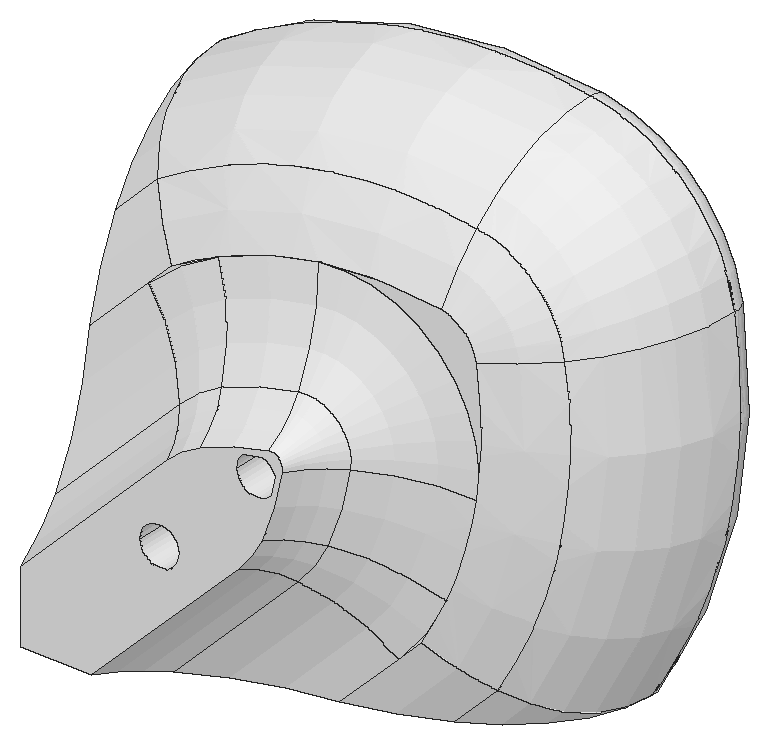
Revit family "Basin-Wall_Mounted-American_Standard-Corner_Minette-0451_Series", category Plumbing Fixtures, host Face, Revit 2014
Parameters (values of type "0451.001.020")
  Width = 11"
  Waste Connection Radius = 5/8"
  Waste Connection Height = 18 1/4"
  Waste Connection Diameter = Waste Connection Radius * 2  # 1 1/4"
  Waste Connection = yes
  Warranty Information = "1 Year Limited"
  WFU = 2
  Vent Connection = no
  URL = "http://www.americanstandard-us.com"
  Type Comments = ""
  Shipping Weight = "17lbs (8kg)"
  Revised Date = "12/12/2018"  # constant formula
  Product Page URL = "https://www.americanstandard-us.com/bathroom/commercial-bathroom-sinks/corner-minette-wall-mounted-sink-15903"
  Product Documentation Link = "https://www.americanstandard-us.com/-/media/sites/asus/files/product-specs/bulk/specsheet0451021.pdf?la=en"
  Price = "Prices may vary. Please consult Manufacturer Representative for most up-to-date price list."  # constant formula
  Model = "0451.001.020"
  Material = "Vitreous China-American Standard-020-White"
  Manufacturer = "American Standard"
  Length = 11"
  Installation Type = "Wall Hung"
  Hot Water Connection Width = 4"
  Hot Water Connection Radius = 3/16"
  Hot Water Connection Height = Cold Water Connection Height  # 20 3/4"
  Hot Water Connection Diameter = Hot Water Connection Radius * 2  # 3/8"
  Hole Punch Location = 20"
  Height = 7"
  HWFU = 1.5
  HW Connection = yes
  Finish = Vitreous China-American Standard-020-White
  Faucet Holes = no
  Description = "Corner Minette Wall Mounted Sink with single center faucet hole."
  Default Elevation = 31"
  Creation Date = "01/19/2017"  # constant formula
  Cold Water Connection Width = 4"
  Cold Water Connection Radius = 3/16"
  Cold Water Connection Height = 20 3/4"
  Cold Water Connection Diameter = Cold Water Connection Radius * 2  # 3/8"
  CWFU = 1.5
  CW Connection = yes
  Basin Shape = "D-Shaped"
  Assembly Code = "D2010310"
Types (9): name | Model | Material | Hole Punch Location | Finish | Faucet Holes | Description
  (no name) | "0451.001.020" | "Vitreous China-American Standard-020-White" | 20" | Vitreous China-American Standard-020-White | no | "Corner Minette Wall Mounted Sink with single center faucet hole."
  0451.021.020 | "0451.021.020" | "Vitreous China-American Standard-020-White" | 4" | Vitreous China-American Standard-020-White | yes | "Corner Minette Wall Mounted Sink with faucet holes on 4\" (102mm) centers."
  0451.001.020 | "0451.001.020" | "Vitreous China-American Standard-020-White" | 20" | Vitreous China-American Standard-020-White | no | "Corner Minette Wall Mounted Sink with single center faucet hole."
  0451.001.021 | "0451.001.021" | "Vitreous China-American Standard-021-Bone" | 20" | Vitreous China-American Standard-021-Bone | no | "Corner Minette Wall Mounted Sink with single center faucet hole."
  0451.001.178 | "0451.001.178" | "Vitreous China-American Standard-178-Black" | 20" | Vitreous China-American Standard-178-Black | no | "Corner Minette Wall Mounted Sink with single center faucet hole."
  0451.001.222 | "0451.001.222" | "Vitreous China-American Standard-222-Linen" | 20" | Vitreous China-American Standard-222-Linen | no | "Corner Minette Wall Mounted Sink with single center faucet hole."
  0451.021.021 | "0451.021.021" | "Vitreous China-American Standard-021-Bone" | 4" | Vitreous China-American Standard-021-Bone | yes | "Corner Minette Wall Mounted Sink with faucet holes on 4\" (102mm) centers."
  0451.021.178 | "0451.021.178" | "Vitreous China-American Standard-178-Black" | 4" | Vitreous China-American Standard-178-Black | yes | "Corner Minette Wall Mounted Sink with faucet holes on 4\" (102mm) centers."
  0451.021.222 | "0451.021.222" | "Vitreous China-American Standard-222-Linen" | 4" | Vitreous China-American Standard-222-Linen | yes | "Corner Minette Wall Mounted Sink with faucet holes on 4\" (102mm) centers."
Reference planes (in)
  plane 1 "Center (Front/Back)": y = 0
  plane 2: z = 0
  plane 3 "Center (Left/Right)": x = 0
  plane 4: through (0, 0, 0) normal (0.7071, 0, -0.7071)
  plane 5: through (-3.18198, 0, 10.96016) normal (-0.7071, 0, 0.7071)
  plane 6: through (10.96016, 0, -3.18198) normal (-0.7071, 0, 0.7071)
  plane 7: through (11.84441, 0, 11.84441) normal (0.7071, 0, 0.7071)
  plane 8: through (0, 0, 0) normal (0.7071, 0, 0.7071)
  plane 9: x = 11
  plane 10: z = 11
  plane 11 "Finished Floor": y = -31
  plane 12: y = -7
  plane 13: y = -10.25
  plane 14: y = -12.75
  plane 15: x = 4
  plane 16: x = 2
  plane 17: z = 4
Forms (in)
  Extrusion 1, solid, material "Vitreous China-American Standard-020-White" <- "Finish"
    sketch origin (0, -0.00015, 0) x (1, 0, 0) y (0, 0, -1)
      loop
        line (11, 0) -> (0, 0) -> (0, -11)
        arc (0, -11) -> (4.51839, -12.92212) -> (9.42631, -13.07285) r 13.29335
        arc (9.42631, -13.07285) -> (11.84404, -11.84404) -> (13.07285, -9.42631) r 4.3746
        arc (13.07285, -9.42631) -> (12.92212, -4.51839) -> (11, 0) r 13.29335
    from -7 to 0
  Blend 2, void
    base sketch origin (0, -0.00015, 0) x (1, 0, 0) y (0, 0, -1)
      loop
        arc (6.41832, -6.20753) -> (6.41291, -5.90628) -> (6.30565, -5.62472) r 0.87512
        arc (6.30565, -5.62472) -> (6.23064, -5.57467) -> (6.14456, -5.60154) r 0.10465
        arc (6.14456, -5.60154) -> (5.86796, -5.86796) -> (5.60154, -6.14456) r 10.24986
        arc (5.60154, -6.14456) -> (5.57467, -6.23064) -> (5.62472, -6.30565) r 0.10465
        arc (5.62472, -6.30565) -> (5.90628, -6.41291) -> (6.20753, -6.41832) r 0.87512
        arc (6.20753, -6.41832) -> (6.34729, -6.34729) -> (6.41832, -6.20753) r 0.25288
    top sketch origin (0, -0.00015, 0) x (1, 0, 0) y (0, 0, -1)
      loop
        arc (12.33185, -9.31048) -> (12.25431, -4.99262) -> (10.71697, -0.95697) r 12.54335
        arc (10.71697, -0.95697) -> (9.64177, -0.23958) -> (8.4079, -0.62463) r 1.5
        arc (8.4079, -0.62463) -> (4.44334, -4.44334) -> (0.62463, -8.4079) r 146.91459
        arc (0.62463, -8.4079) -> (0.23958, -9.64177) -> (0.95697, -10.71697) r 1.5
        arc (0.95697, -10.71697) -> (4.99262, -12.25431) -> (9.31048, -12.33185) r 12.54335
        arc (9.31048, -12.33185) -> (11.31371, -11.31371) -> (12.33185, -9.31048) r 3.6246
    from -4.78715 to 0
  Sweep 3, void
    path origin (0, -0.00015, 0) x (0, 0, 1) y (1, 0, 0)
      loop
        line (-5.5, 5.5) -> (0, 11)
        arc (0, 11) -> (4.51839, 12.92212) -> (9.42631, 13.07285) r 13.29335
        arc (9.42631, 13.07285) -> (11.84404, 11.84404) -> (13.07285, 9.42631) r 4.3746
        arc (13.07285, 9.42631) -> (12.92212, 4.51839) -> (11, 0) r 13.29335
        line (11, 0) -> (5.5, -5.5)
    profile origin (4.51839, -0.00015, 12.92212) x (-0.214769, 0, 0.976665) y (0, 1, 0)
      loop
        arc (0, -0.68354) -> (-0.44896, -2.53258) -> (-1.69584, -3.96986) r 4.03214
        line (-1.69584, -3.96986) -> (0.80416, -3.96986) -> (0.80416, -0.68354) -> (0, -0.68354)
  Sweep 4, void
    path origin (0, -0.00015, 0) x (0, 0, 1) y (1, 0, 0)
      loop
        line (-5.5, 5.5) -> (0, 11)
        arc (0, 11) -> (4.51839, 12.92212) -> (9.42631, 13.07285) r 13.29335
        arc (9.42631, 13.07285) -> (11.84404, 11.84404) -> (13.07285, 9.42631) r 4.3746
        arc (13.07285, 9.42631) -> (12.92212, 4.51839) -> (11, 0) r 13.29335
        line (11, 0) -> (5.5, -5.5)
    profile origin (4.51839, -0.00015, 12.92212) x (-0.214769, 0, 0.976665) y (0, 1, 0)
      loop
        arc (-0.68354, 0) -> (-0.2002, -0.2002) -> (0, -0.68354) r 0.68354
        line (0, -0.68354) -> (1, -0.68354) -> (1, 1) -> (-0.68354, 1) -> (-0.68354, 0)
  Sweep 5, void
    path origin (0, -0.00015, 0) x (1, 0, 0) y (0, 0, -1)
      loop
        line (-5.5, -5.5) -> (0, -11)
        arc (0, -11) -> (4.51839, -12.92212) -> (9.42631, -13.07285) r 13.29335
        arc (9.42631, -13.07285) -> (11.84404, -11.84404) -> (13.07285, -9.42631) r 4.3746
        arc (13.07285, -9.42631) -> (12.92212, -4.51839) -> (11, 0) r 13.29335
        line (11, 0) -> (5.5, 5.5)
    profile origin (12.92212, -0.00015, 4.51839) x (-0.976665, 0, 0.214769) y (0, 1, 0)
      loop
        line (1.69584, -3.96986) -> (0, -3.96986) -> (0, -4.78715) -> (3.29987, -4.78715)
        arc (3.29987, -4.78715) -> (2.46781, -4.43747) -> (1.69584, -3.96986) r 6.15472
  Extrusion 6, void
    sketch origin (0, -0.00015, 0) x (1, 0, 0) y (0, 0, -1)
      loop
        line (-2.53314, 2.53314) -> (-2.53314, -16.19745) -> (16.19745, -16.19745) -> (16.19745, 2.53314) -> (-2.53314, 2.53314)
    from -8.095 to -4.78715
  Sweep 7, solid, material "Vitreous China-American Standard-020-White" <- "Finish"
    path origin (0, -0.00015, 0) x (1, 0, 0) y (0, 0, -1)
      loop
        line (3.16664, 3.16664) -> (7.82181, -1.48853)
        arc (7.82181, -1.48853) -> (8.51555, -2.32058) -> (9.04837, -3.26381) r 6
        arc (9.04837, -3.26381) -> (9.51256, -4.50702) -> (9.80794, -5.80078) r 9.99348
        arc (9.80794, -5.80078) -> (8.82642, -8.82642) -> (5.80078, -9.80794) r 3.5
        arc (5.80078, -9.80794) -> (4.50702, -9.51256) -> (3.26381, -9.04837) r 9.99348
        arc (3.26381, -9.04837) -> (2.32058, -8.51555) -> (1.48853, -7.82181) r 6
        line (1.48853, -7.82181) -> (-3.16664, -3.16664)
    profile origin (-0.83906, -0.00015, 5.49422) x (-0.707107, 0, 0.707107) y (0, 1, 0)
      loop
        arc (-3.18704, -7) -> (-2.83506, -6.39651) -> (-2.35758, -5.88651) r 3.11882
        arc (-2.35758, -5.88651) -> (-1.25338, -5.17687) -> (0, -4.78715) r 4.88077
        line (0, -4.78715) -> (-3.33624, -4.78715) -> (-3.33624, -7) -> (-3.18704, -7)
  Extrusion 8, void
    sketch origin (0, -0.00015, 0) x (1, 0, 0) y (0, 0, -1)
      loop
        line (0, -9.55358) -> (0, 0.00011) -> (11.00013, 0.00011) -> (11.00013, 3.44642) -> (-3.5, 3.44642) -> (-3.5, -9.55358) -> (0, -9.55358)
    from -7.31902 to 0.54426
  Extrusion 9, solid, material "Vitreous China-American Standard-020-White" <- "Finish"
    sketch origin (0, -0.00015, 0) x (1, 0, 0) y (0, 0, -1)
      loop
        arc (3.8476, -5.46273) -> (4.217, -5.77073) -> (4.63576, -6.00728) r 2.66376
        arc (4.63576, -6.00728) -> (5.46393, -6.3165) -> (6.32578, -6.51327) r 6.65724
        arc (6.32578, -6.51327) -> (6.46735, -6.46735) -> (6.51327, -6.32578) r 0.16376
        arc (6.51327, -6.32578) -> (6.3165, -5.46393) -> (6.00728, -4.63576) r 6.65724
        arc (6.00728, -4.63576) -> (5.77073, -4.217) -> (5.46273, -3.8476) r 2.66376
        line (5.46273, -3.8476) -> (1.61513, 0) -> (0, 0) -> (0, -1.61513) -> (3.8476, -5.46273)
    from -4.78715 to -7
  Extrusion 10, void
    sketch origin (0, -0.00015, 0) x (1, 0, 0) y (0, 0, -1)
      loop
        circle (6, -6) r 0.5
    from -7.31902 to 1
  Extrusion 11, void
    sketch origin (1.78309, -5.42569, 2.7782) x (1, 0, 0) y (0, -0.673622, -0.739076)
      loop
        spline (7.58094, -9.53851) -> (7.62621, -9.58709) -> (7.69423, -9.61744) -> (7.78036, -9.6275) -> (7.87873, -9.61658) -> (7.98264, -9.58543) -> (8.08501, -9.53616) -> (8.17886, -9.47214) -> (8.2578, -9.39772) -> (8.31644, -9.31799) -> (8.35079, -9.23837) -> (8.35852, -9.16429) -> (8.33908, -9.1008)
        spline (8.33908, -9.1008) -> (8.29381, -9.05222) -> (8.22579, -9.02186) -> (8.13966, -9.0118) -> (8.04129, -9.02272) -> (7.93738, -9.05388) -> (7.83501, -9.10315) -> (7.74116, -9.16717) -> (7.66222, -9.24158) -> (7.60358, -9.32131) -> (7.56923, -9.40093) -> (7.56151, -9.47501) -> (7.58094, -9.53851)
    from -2.71739 to -0.29154
  Extrusion 12, void
    sketch origin (2.7782, -5.42569, 1.78309) x (0, 0, 1) y (0.739076, 0.673622, 0)
      loop
        spline (7.58094, 9.53851) -> (7.56151, 9.47501) -> (7.56923, 9.40093) -> (7.60358, 9.32131) -> (7.66222, 9.24158) -> (7.74116, 9.16717) -> (7.83501, 9.10315) -> (7.93738, 9.05388) -> (8.04129, 9.02272) -> (8.13966, 9.0118) -> (8.22579, 9.02186) -> (8.29381, 9.05222) -> (8.33908, 9.1008)
        spline (8.33908, 9.1008) -> (8.35852, 9.16429) -> (8.35079, 9.23837) -> (8.31644, 9.31799) -> (8.2578, 9.39772) -> (8.17886, 9.47214) -> (8.08501, 9.53616) -> (7.98264, 9.58543) -> (7.87873, 9.61658) -> (7.78036, 9.6275) -> (7.69423, 9.61744) -> (7.62621, 9.58709) -> (7.58094, 9.53851)
    from -2.71739 to -0.29154
  Extrusion 13, void
    sketch origin (0, 0, 0) x (1, 0, 0) y (0, 0, 1)
      loop
        circle (3.53553, 3.53553) r 0.5
      loop
        circle (2.12132, 16.26346) r 0.5
      loop
        circle (4.94975, -9.19239) r 0.5
    from 0 to 12
  Extrusion 14, solid, not visible
    sketch origin (0, 0, 0) x (1, 0, 0) y (0, 1, 0)
      loop
        circle (4, -10.25) r 0.1875
      loop
        circle (2, -12.75) r 0.625
    from 0 to 0.03125
  Extrusion 15, solid, not visible
    sketch origin (0, 0, 0) x (0, 1, 0) y (0, 0, 1)
      loop
        circle (-10.25, 4) r 0.1875
    from 0 to 0.03125
Cuts and joins
  Blend 2, Sweep 3, Sweep 4, Sweep 5, Extrusion 6, Extrusion 11, Extrusion 12, Extrusion 13 cuts Extrusion 1
  Blend 2, Extrusion 8, Extrusion 13 cuts Sweep 7
  Blend 2, Extrusion 10, Extrusion 13 cuts Extrusion 9
  joined: Extrusion 1, Sweep 7, Extrusion 9
Dimensions and locks (in)
  equal spacing: plane 6, plane 4, plane 5
  "Hole Punch Location": plane 6 to plane 5
  "Length": plane 3 "Center (Left/Right)" to plane 9
  "Width": host face to plane 10
  plane 7 to plane 8 = 16.75053"
  "Default Elevation": plane 11 "Finished Floor" to plane 1 "Center (Front/Back)"
  "Height": plane 12 to plane 1 "Center (Front/Back)"
  "Cold Water Connection Width": plane 3 "Center (Left/Right)" to plane 15
  "Hot Water Connection Width": plane 17 to host face
  "Waste Connection Height": plane 11 "Finished Floor" to plane 14
  "Cold Water Connection Height": plane 11 "Finished Floor" to plane 13
  aligned and locked: plane 2 to host face
  aligned and locked: level to host face
Automatic sketch dimensions
  host sketch curve to host sketch curve = 96"  (x2)
  Extrusion 1 sketch curve to level = 0"
  Extrusion 1 sketch curve to plane 3 "Center (Left/Right)" = 0"
  plane 4 to Extrusion 1 sketch curve = 0"
  Extrusion 1 sketch curve to plane 3 "Center (Left/Right)" = 0.06102"
  Extrusion 1 sketch curve to level = 0.06102"
  plane 3 "Center (Left/Right)" to Extrusion 1 sketch curve = 7.37339"
  level to Extrusion 1 sketch curve = 8.75073"
  Extrusion 1 sketch curve to Extrusion 1 sketch curve = 0.67558"
  Extrusion 1 sketch curve to Extrusion 1 sketch curve = 0"
  Extrusion 1 sketch curve to Extrusion 1 sketch curve = 3.62661"
  Extrusion 1 sketch curve to Extrusion 1 sketch curve = 4.32212"
  plane 4 to Blend 2 sketch curve = 0"  (x4)
  plane 3 "Center (Left/Right)" to Blend 2 sketch curve = 5.5537"
  Blend 2 sketch curve to Blend 2 sketch curve = 0.04784"
  Blend 2 sketch curve to Blend 2 sketch curve = 0"  (x10)
  Blend 2 sketch curve to Blend 2 sketch curve = 0.02319"
  Blend 2 sketch curve to Blend 2 sketch curve = 0.07672"
  Blend 2 sketch curve to Blend 2 sketch curve = 0.51868"
  Blend 2 sketch curve to Blend 2 sketch curve = 0.07218"
  Blend 2 sketch curve to Blend 2 sketch curve = 0.49022"
  Blend 2 sketch curve to Blend 2 sketch curve = 5/128"
  Blend 2 sketch curve to Blend 2 sketch curve = 0.07118"
  Blend 2 sketch curve to Blend 2 sketch curve = 0.08992"
  Blend 2 sketch curve to Blend 2 sketch curve = 0.24985"
  Blend 2 sketch curve to plane 3 "Center (Left/Right)" = 0.06102"
  plane 3 "Center (Left/Right)" to Blend 2 sketch curve = 0.62463"
  plane 3 "Center (Left/Right)" to Blend 2 sketch curve = 0.95697"
  Blend 2 sketch curve to Blend 2 sketch curve = 1.09965"
  Blend 2 sketch curve to level = 0.06102"
  plane 3 "Center (Left/Right)" to Blend 2 sketch curve = 7.37339"
  level to Blend 2 sketch curve = 0.62463"
  Blend 2 sketch curve to Blend 2 sketch curve = 1.03451"
  Blend 2 sketch curve to Blend 2 sketch curve = 7.02645"
  Blend 2 sketch curve to Blend 2 sketch curve = 1.02018"
  level to Blend 2 sketch curve = 0.95697"
  Sweep 3 sketch curve to level = 0"
  plane 4 to Sweep 3 sketch curve = 0"
  Sweep 3 sketch curve to plane 3 "Center (Left/Right)" = 0"
  Sweep 3 sketch curve to level = 0.06102"
  Sweep 3 sketch curve to level = 5 1/2"
  level to Sweep 3 sketch curve = 5 1/2"
  Sweep 3 sketch curve to plane 3 "Center (Left/Right)" = 0.06102"
  Sweep 3 sketch curve to Sweep 3 sketch curve = 1.87339"
  level to Sweep 3 sketch curve = 8.75073"
  Sweep 3 sketch curve to Sweep 3 sketch curve = 0.67558"
  Sweep 3 sketch curve to Sweep 3 sketch curve = 0"
  Sweep 3 sketch curve to Sweep 3 sketch curve = 3.62661"
  Sweep 3 sketch curve to Sweep 3 sketch curve = 4.32212"
  Sweep 3 sketch curve to plane 3 "Center (Left/Right)" = 5 1/2"
  plane 3 "Center (Left/Right)" to Sweep 3 sketch curve = 5 1/2"
  Sweep 3 sketch curve to profile plane = 0"
  profile plane to Sweep 3 sketch curve = 1.69584"
  Sweep 3 sketch curve to profile plane = 0.68354"
  Sweep 3 sketch curve to Sweep 3 sketch curve = 4.03214"
  Sweep 3 sketch curve to profile plane = 0.80416"
  Sweep 4 sketch curve to level = 0"
  plane 4 to Sweep 4 sketch curve = 0"
  Sweep 4 sketch curve to plane 3 "Center (Left/Right)" = 0"
  Sweep 4 sketch curve to level = 0.06102"
  Sweep 4 sketch curve to level = 5 1/2"
  level to Sweep 4 sketch curve = 5 1/2"
  Sweep 4 sketch curve to plane 3 "Center (Left/Right)" = 0.06102"
  Sweep 4 sketch curve to Sweep 4 sketch curve = 1.87339"
  level to Sweep 4 sketch curve = 8.75073"
  Sweep 4 sketch curve to Sweep 4 sketch curve = 0.67558"
  Sweep 4 sketch curve to Sweep 4 sketch curve = 0"
  Sweep 4 sketch curve to Sweep 4 sketch curve = 3.62661"
  Sweep 4 sketch curve to Sweep 4 sketch curve = 4.32212"
  Sweep 4 sketch curve to plane 3 "Center (Left/Right)" = 5 1/2"
  plane 3 "Center (Left/Right)" to Sweep 4 sketch curve = 5 1/2"
  profile plane to Sweep 4 sketch curve = 0"
  Sweep 4 sketch curve to profile plane = 0"
  profile plane to Sweep 4 sketch curve = 0.68354"
  Sweep 4 sketch curve to profile plane = 1"
  profile plane to Sweep 4 sketch curve = 1"
  Sweep 5 sketch curve to plane 3 "Center (Left/Right)" = 0"
  plane 4 to Sweep 5 sketch curve = 0"
  Sweep 5 sketch curve to level = 0"
  Sweep 5 sketch curve to plane 3 "Center (Left/Right)" = 0.06102"
  Sweep 5 sketch curve to plane 3 "Center (Left/Right)" = 5 1/2"
  plane 3 "Center (Left/Right)" to Sweep 5 sketch curve = 5 1/2"
  Sweep 5 sketch curve to level = 0.06102"
  Sweep 5 sketch curve to Sweep 5 sketch curve = 1.87339"
  level to Sweep 5 sketch curve = 8.75073"
  Sweep 5 sketch curve to Sweep 5 sketch curve = 0.67558"
  Sweep 5 sketch curve to Sweep 5 sketch curve = 0"
  Sweep 5 sketch curve to Sweep 5 sketch curve = 3.62661"
  Sweep 5 sketch curve to Sweep 5 sketch curve = 4.32212"
  level to Sweep 5 sketch curve = 5 1/2"
  Sweep 5 sketch curve to level = 5 1/2"
  Sweep 5 sketch curve to profile plane = 0"
  Sweep 5 sketch curve to profile plane = 1.69584"
  Sweep 5 sketch curve to Sweep 5 sketch curve = 1.60403"
  profile plane to Sweep 5 sketch curve = 1.04643"
  Sweep 5 sketch curve to profile plane = 5.262"
  Sweep 5 sketch curve to profile plane = 3.96986"
  Extrusion 6 sketch curve to plane 4 = 0"
  plane 4 to Extrusion 6 sketch curve = 0"
  Extrusion 6 sketch curve to plane 3 "Center (Left/Right)" = 2.53314"
  level to Extrusion 6 sketch curve = 16.19745"
  plane 4 to Sweep 7 sketch curve = 0"
  Sweep 7 sketch curve to plane 3 "Center (Left/Right)" = 3.16664"
  Sweep 7 sketch curve to plane 3 "Center (Left/Right)" = 0.06102"
  plane 3 "Center (Left/Right)" to Sweep 7 sketch curve = 1.48853"
  plane 3 "Center (Left/Right)" to Sweep 7 sketch curve = 3.16664"
  Sweep 7 sketch curve to Sweep 7 sketch curve = 1.77529"
  Sweep 7 sketch curve to Sweep 7 sketch curve = 0"  (x4)
  Sweep 7 sketch curve to Sweep 7 sketch curve = 2.09064"
  Sweep 7 sketch curve to Sweep 7 sketch curve = 2.152"
  Sweep 7 sketch curve to Sweep 7 sketch curve = 2.53696"
  Sweep 7 sketch curve to Sweep 7 sketch curve = 2.77238"
  Sweep 7 sketch curve to level = 0.06102"
  Sweep 7 sketch curve to Sweep 7 sketch curve = 1.64222"
  level to Sweep 7 sketch curve = 1.48853"
  Sweep 7 sketch curve to Sweep 7 sketch curve = 0.44842"
  Sweep 7 sketch curve to Sweep 7 sketch curve = 1 29/128"
  Sweep 7 sketch curve to Sweep 7 sketch curve = 0.75957"
  level to Sweep 7 sketch curve = 3.16664"
  Sweep 7 sketch curve to level = 3.16664"
  Sweep 7 sketch curve to profile plane = 0"
  profile plane to Sweep 7 sketch curve = 0.33392"
  profile plane to Sweep 7 sketch curve = 2.35758"
  Sweep 7 sketch curve to Sweep 7 sketch curve = 0.82946"
  Sweep 7 sketch curve to Sweep 7 sketch curve = 0.97866"
  Sweep 7 sketch curve to profile plane = 0.80932"
  Sweep 7 sketch curve to profile plane = 9.60035"
  Sweep 7 sketch curve to Sweep 7 sketch curve = 1.34069"
  Extrusion 8 sketch curve to plane 3 "Center (Left/Right)" = 0"
  Extrusion 8 sketch curve to Extrusion 8 sketch curve = 3 1/2"
  Extrusion 8 sketch curve to level = 3.44642"
  plane 3 "Center (Left/Right)" to Extrusion 8 sketch curve = 11.00013"
  Extrusion 8 sketch curve to level = 0.00011"
  level to Extrusion 8 sketch curve = 9.55358"
  Extrusion 9 sketch curve to level = 0"
  Extrusion 9 sketch curve to plane 3 "Center (Left/Right)" = 0"
  plane 4 to Extrusion 9 sketch curve = 0"
  Extrusion 9 sketch curve to plane 3 "Center (Left/Right)" = 0.06102"
  plane 3 "Center (Left/Right)" to Extrusion 9 sketch curve = 1.61513"
  plane 3 "Center (Left/Right)" to Extrusion 9 sketch curve = 3.57917"
  Extrusion 9 sketch curve to Extrusion 9 sketch curve = 0.26844"  (x2)
  Extrusion 9 sketch curve to Extrusion 9 sketch curve = 0.78816"
  Extrusion 9 sketch curve to Extrusion 9 sketch curve = 0"  (x4)
  level to Extrusion 9 sketch curve = 3.8476"
  Extrusion 9 sketch curve to Extrusion 9 sketch curve = 1.61513"  (x2)
  Extrusion 9 sketch curve to Extrusion 9 sketch curve = 0.54454"
  Extrusion 9 sketch curve to Extrusion 9 sketch curve = 1.69002"
  Extrusion 9 sketch curve to Extrusion 9 sketch curve = 0.02577"
  Extrusion 9 sketch curve to Extrusion 9 sketch curve = 0.16172"
  Extrusion 9 sketch curve to level = 0.06102"
  plane 4 to Extrusion 10 sketch curve = 0"
  level to Extrusion 10 sketch curve = 6"
  plane 3 "Center (Left/Right)" to Extrusion 11 sketch curve = 9.36403"
  Extrusion 11 sketch curve to Extrusion 11 sketch curve = 0.37907"
  level to Extrusion 12 sketch curve = 9.36403"
  Extrusion 12 sketch curve to Extrusion 12 sketch curve = 0.37907"
  plane 5 to Extrusion 13 sketch curve = 0"
  Extrusion 13 sketch curve to plane 4 = 0"
  Extrusion 13 sketch curve to plane 6 = 0"
  plane 3 "Center (Left/Right)" to Extrusion 13 sketch curve = 2.12132"
  Extrusion 13 sketch curve to Extrusion 13 sketch curve = 1.41421"  (x2)
  plane 14 to Extrusion 14 sketch curve = 0"
  Extrusion 14 sketch curve to plane 16 = 0"
  plane 13 to Extrusion 14 sketch curve = 0"
  Extrusion 14 sketch curve to plane 15 = 0"
  Extrusion 15 sketch curve to plane 13 = 0"
  Extrusion 15 sketch curve to plane 17 = 0"
  radius of Extrusion 10 sketch curve = 1/2"
  radius of Extrusion 13 sketch curve = 1/2"  (x3)
  radius of Extrusion 14 sketch curve = 3/16"
  radius of Extrusion 14 sketch curve = 5/8"
  radius of Extrusion 15 sketch curve = 3/16"
Connectors (in)
  piping at (0, -10.25, 4), diameter 0.375, driven by "HWFU", driven by "Hot Water Connection Radius"
    settings: on Extrusion 15, index 1, connector inside diameter 3/8", connector length 0", flow factor 0, pipe flow 0 GPM, pressure drop 0.00 psi, fitting loss kfactor 0, connector angle 0.00°, fixture units 1.5, engagement length 0", angle of deflection 0.00°, flow configuration 3, flow direction 1, fitting loss method 0, system type 19, joint type 0, gender type 0, connector reference index -1, connector utility 0, adjustable connector no, is connector primary yes, connector description "3/8\" HW Inlet"
  piping at (2, -12.75, 0), diameter 1.25, driven by "Waste Connection Radius", driven by "WFU"
    settings: on Extrusion 14, index 2, connector inside diameter 1 1/4", connector length 0", flow factor 0, pipe flow 0 GPM, pressure drop 0.00 psi, fitting loss kfactor 0, connector angle 0.00°, fixture units 2, engagement length 0", angle of deflection 0.00°, flow configuration 3, flow direction 2, fitting loss method 0, system type 16, joint type 0, gender type 0, connector reference index -1, connector utility 0, adjustable connector yes, is connector primary no, connector description "1-1/4\" Waste Outlet"
  piping at (4, -10.25, 0), diameter 0.375, driven by "Cold Water Connection Radius", driven by "CWFU"
    settings: on Extrusion 14, index 3, connector inside diameter 3/8", connector length 0", flow factor 0, pipe flow 0 GPM, pressure drop 0.00 psi, fitting loss kfactor 0, connector angle 0.00°, fixture units 1.5, engagement length 0", angle of deflection 0.00°, flow configuration 3, flow direction 1, fitting loss method 0, system type 20, joint type 0, gender type 0, connector reference index -1, connector utility 0, adjustable connector no, is connector primary no, connector description "3/8\" CW Inlet"
